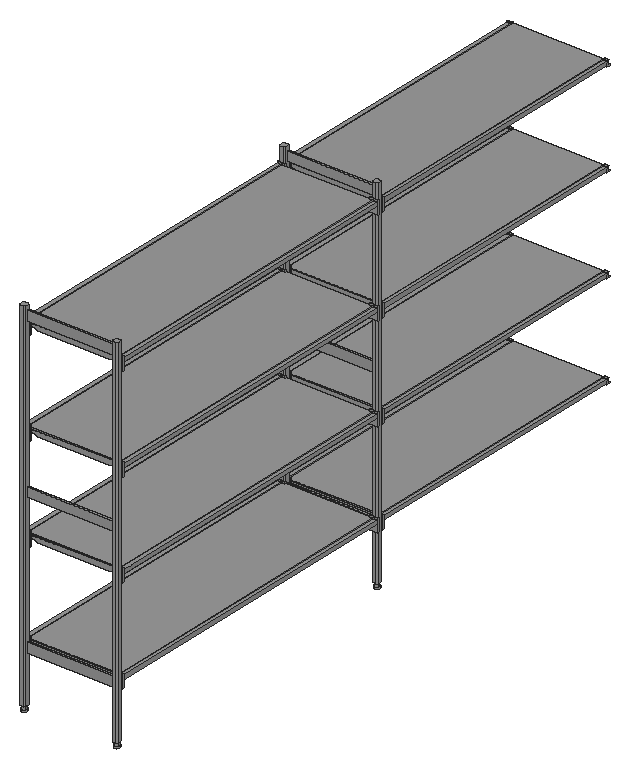
Revit family "QF_ZANUSSI_137089_CLS2903", category Attrezzature speciali, Revit 2020
Family settings
  Quota connettore circolare = Usa diametro
  Tipo di parte = Normale
  Basato su piano di lavoro = No
  Sempre verticale = Sì
  Taglio con vuoti quando caricato = No
  Condiviso = No
  Punto di calcolo locali = No
Parameters (values of type "Standard")
  Weight = 48.00 kg
  Watts = 0 W
  Volts = 0 V
  URL Manufacturer = "http://www.zanussiprofessional.com"
  URL = "http://www.zanussiprofessional.com"
  Steam Supply Size = 0 mm
  Steam Supply Minimum Pressure = 0.0 Pa
  Steam Supply Maximum Pressure = 0.0 Pa
  Steam Consumption per Hour = 0
  Refrigeration Suction Line Size = 0.0 mm
  Refrigeration Liquid Line Size = 0.0 mm
  Refrigerant Compressor Remote = yes
  Prospetto di default = 0.0 mm
  Phase = 0
  Modello = "CLS2903"
  Produttore = "Zanussi"
  Length Actual = 2907.0 mm  # constant formula
  Item Number = "137089"
  Hot Water Size = 0 mm
  Height Actual = 1700.0 mm  # constant formula
  HP = "0 HP"
  Gas Size = 0 mm
  Gas KW = 0
  Gas Input Pressure = 0 W
  Direct Waste Size = 0 mm
  Descrizione = "ALUM.CORNER SHELV.-POLY.TIERS-475X2907MM"
  Depth Actual = 475.0 mm  # constant formula
  Cycle = 0 Hz
  Condensate Return Size = 0 mm
  Compressed Air Volume = 0.0 L/s
  Compressed Air Size = 0 mm
  Compressed Air Pressure = 0.0 Pa
  Cold Water Size = 0 mm
  Accessory = yes
Reference planes
  plane 1: z = 0
  plane 2 "CenterLeft": y = -535.5
  plane 3 "FRONT": y = -921.5
  plane 4 "LEFT": x = 192.5
  plane 5 "RIGHT": x = 667.5
  plane 6 "TOP": z = 1700
  plane 7: y = -889.5
  plane 8: y = 615.5
  plane 9 "Center (Left/Back)": x = 430
  plane 10: x = 256
  plane 11: x = 668
  plane 12 "FEET": z = 25
  plane 13: z = 275
  plane 14: z = 725
  plane 15: z = 1175
  plane 16: z = 1625
  plane 17 "CXLeft": y = -907.5
  plane 18 "Center (Front/Back)": y = 633.5
  plane 19 "CYFront": x = 510
  plane 20: y = 1981.5
  plane 21: y = 651.5
  plane 22 "BACK": y = 1985.5
  plane 23 "LEFT_ORIGIN": x = 158.5
  plane 24 "BACK_ORIGIN": y = 2460.5
Forms (mm)
  Extrusion 1, solid, material "QF_Aluminum"
    sketch origin (38.022, -921.5, -4.006) x (-1, 0, 0) y (0, 0, 1)
      loop
        line (-189.5, 1637.003) -> (-173.5, 1637.003) -> (-173.5, 1655) -> (-175.493, 1655) -> (-175.493, 1648.501) -> (-608.5, 1648.501) -> (-608.5, 1655) -> (-610.5, 1655) -> (-610.5, 1637.003) -> (-594.5, 1637.003) -> (-560.5, 1625) -> (-223.5, 1625) -> (-189.5, 1637.003)
      loop
        line (-189.5, 1187.003) -> (-173.5, 1187.003) -> (-173.5, 1205) -> (-175.493, 1205) -> (-175.493, 1198.501) -> (-608.5, 1198.501) -> (-608.5, 1205) -> (-610.5, 1205) -> (-610.5, 1187.003) -> (-594.5, 1187.003) -> (-560.5, 1175) -> (-223.5, 1175) -> (-189.5, 1187.003)
      loop
        line (-189.5, 737.003) -> (-173.5, 737.003) -> (-173.5, 755) -> (-175.493, 755) -> (-175.493, 748.501) -> (-608.5, 748.501) -> (-608.5, 755) -> (-610.5, 755) -> (-610.5, 737.003) -> (-594.5, 737.003) -> (-560.5, 725) -> (-223.5, 725) -> (-189.5, 737.003)
      loop
        line (-189.5, 287.003) -> (-173.5, 287.003) -> (-173.5, 305) -> (-175.493, 305) -> (-175.493, 298.501) -> (-608.5, 298.501) -> (-608.5, 305) -> (-610.5, 305) -> (-610.5, 287.003) -> (-594.5, 287.003) -> (-560.5, 275) -> (-223.5, 275) -> (-189.5, 287.003)
    from 37 to 32
  Extrusion 2, solid, material "QF_Aluminum"
    sketch origin (38.022, -921.5, 0) x (-1, 0, 0) y (0, 0, 1)
      loop
        line (-154.478, 246.005) -> (-154.478, 307.993) -> (-190.471, 307.993) -> (-190.471, 246.005) -> (-154.478, 246.005)
      loop
        line (-593.484, 246.005) -> (-593.484, 307.993) -> (-629.478, 307.993) -> (-629.478, 246.005) -> (-593.484, 246.005)
      loop
        line (-154.478, 696.005) -> (-154.478, 757.993) -> (-190.471, 757.993) -> (-190.471, 696.005) -> (-154.478, 696.005)
      loop
        line (-593.484, 696.005) -> (-593.484, 757.993) -> (-629.478, 757.993) -> (-629.478, 696.005) -> (-593.484, 696.005)
      loop
        line (-154.478, 1146.005) -> (-154.478, 1207.993) -> (-190.471, 1207.993) -> (-190.471, 1146.005) -> (-154.478, 1146.005)
      loop
        line (-593.484, 1146.005) -> (-593.484, 1207.993) -> (-629.478, 1207.993) -> (-629.478, 1146.005) -> (-593.484, 1146.005)
      loop
        line (-154.478, 1596.005) -> (-154.478, 1657.993) -> (-190.471, 1657.993) -> (-190.471, 1596.005) -> (-154.478, 1596.005)
      loop
        line (-593.484, 1596.005) -> (-593.484, 1657.993) -> (-629.478, 1657.993) -> (-629.478, 1596.005) -> (-593.484, 1596.005)
    from 28 to 32
  Extrusion 3, solid, material "QF_Aluminum"
    sketch origin (38.022, -921.5, 0) x (-1, 0, 0) y (0, 0, 1)
      loop
        line (-154.5, 1650.994) -> (-173.5, 1650.994) -> (-173.5, 1632.998) -> (-154.5, 1632.998) -> (-154.5, 1650.994)
      loop
        line (-154.5, 1200.994) -> (-173.5, 1200.994) -> (-173.5, 1182.998) -> (-154.5, 1182.998) -> (-154.5, 1200.994)
      loop
        line (-154.5, 750.994) -> (-173.5, 750.994) -> (-173.5, 732.998) -> (-154.5, 732.998) -> (-154.5, 750.994)
      loop
        line (-154.5, 300.994) -> (-173.5, 300.994) -> (-173.5, 282.998) -> (-154.5, 282.998) -> (-154.5, 300.994)
      loop
        line (-629.455, 1650.994) -> (-629.455, 1632.998) -> (-610.455, 1632.998) -> (-610.455, 1650.994) -> (-629.455, 1650.994)
      loop
        line (-629.455, 1200.994) -> (-629.455, 1182.998) -> (-610.455, 1182.998) -> (-610.455, 1200.994) -> (-629.455, 1200.994)
      loop
        line (-629.455, 750.994) -> (-629.455, 732.998) -> (-610.455, 732.998) -> (-610.455, 750.994) -> (-629.455, 750.994)
      loop
        line (-629.455, 300.994) -> (-629.455, 282.998) -> (-610.455, 282.998) -> (-610.455, 300.994) -> (-629.455, 300.994)
    from 32 to 1537
  Extrusion 4, solid, material "QF_Polyethylene"
    sketch origin (38.022, -921.5, 0) x (-1, 0, 0) y (0, 0, 1)
      loop
        line (-175.493, 1650.994) -> (-608.5, 1650.994) -> (-608.5, 1644.496) -> (-175.493, 1644.496) -> (-175.493, 1650.994)
      loop
        line (-175.493, 1200.994) -> (-608.5, 1200.994) -> (-608.5, 1194.496) -> (-175.493, 1194.496) -> (-175.493, 1200.994)
      loop
        line (-175.493, 750.994) -> (-608.5, 750.994) -> (-608.5, 744.496) -> (-175.493, 744.496) -> (-175.493, 750.994)
      loop
        line (-175.493, 300.994) -> (-608.5, 300.994) -> (-608.5, 294.496) -> (-175.493, 294.496) -> (-175.493, 300.994)
    from 32 to 1537
  Extrusion 5, solid, material "QF_Aluminum"
    sketch origin (38.022, 684.5, 0) x (-1, 0, 0) y (0, 0, 1)
      loop
        line (-154.5, 1650.994) -> (-173.5, 1650.994) -> (-173.5, 1632.998) -> (-154.5, 1632.998) -> (-154.5, 1650.994)
      loop
        line (-610.455, 1650.994) -> (-629.455, 1650.994) -> (-629.455, 1632.998) -> (-610.455, 1632.998) -> (-610.455, 1650.994)
      loop
        line (-154.5, 1200.994) -> (-173.5, 1200.994) -> (-173.5, 1182.998) -> (-154.5, 1182.998) -> (-154.5, 1200.994)
      loop
        line (-610.455, 1200.994) -> (-629.455, 1200.994) -> (-629.455, 1182.998) -> (-610.455, 1182.998) -> (-610.455, 1200.994)
      loop
        line (-154.5, 750.994) -> (-173.5, 750.994) -> (-173.5, 732.998) -> (-154.5, 732.998) -> (-154.5, 750.994)
      loop
        line (-610.455, 750.994) -> (-629.455, 750.994) -> (-629.455, 732.998) -> (-610.455, 732.998) -> (-610.455, 750.994)
      loop
        line (-154.5, 300.994) -> (-173.5, 300.994) -> (-173.5, 282.998) -> (-154.5, 282.998) -> (-154.5, 300.994)
      loop
        line (-610.455, 300.994) -> (-629.455, 300.994) -> (-629.455, 282.998) -> (-610.455, 282.998) -> (-610.455, 300.994)
    from 1297 to -33
  Extrusion 6, solid, material "QF_Polyethylene"
    sketch origin (38.022, 684.5, 0) x (-1, 0, 0) y (0, 0, 1)
      loop
        line (-175.493, 1650.994) -> (-608.5, 1650.994) -> (-608.5, 1644.496) -> (-175.493, 1644.496) -> (-175.493, 1650.994)
      loop
        line (-175.493, 1200.994) -> (-608.5, 1200.994) -> (-608.5, 1194.496) -> (-175.493, 1194.496) -> (-175.493, 1200.994)
      loop
        line (-175.493, 750.994) -> (-608.5, 750.994) -> (-608.5, 744.496) -> (-175.493, 744.496) -> (-175.493, 750.994)
      loop
        line (-175.493, 300.994) -> (-608.5, 300.994) -> (-608.5, 294.496) -> (-175.493, 294.496) -> (-175.493, 300.994)
    from 1297 to -33
Lines and regions (mm)
  symbolic lines
    curve 1: line (256, -912.5, 1700) -> (668, -912.5, 1700)
    curve 2: line (668, -902.5, 1700) -> (256, -902.5, 1700)
    curve 3: line (192.5, -893.5, 1700) -> (192.5, 619.5, 1700)
    curve 4: line (667.5, -889.5, 1700) -> (667.5, 615.5, 1700)
    curve 5: line (192.5, 647.5, 1700) -> (192.5, 1985.5, 1700)
    curve 6: line (667.5, 647.5, 1700) -> (667.5, 1985.5, 1700)
    curve 7: line (648.478, 615.5, 1700) -> (648.478, -889.5, 1700)
    curve 8: line (211.522, -889.5, 1700) -> (211.522, 615.5, 1700)
    curve 9: line (211.522, 651.5, 1700) -> (211.522, 1981.5, 1700)
    curve 10: line (648.478, 1981.5, 1700) -> (648.478, 651.5, 1700)
Dimensions and locks
  plane 3 "FRONT" to plane 2 "CenterLeft" = 386.0 mm
  locked: plane 6 "TOP" to level at 1700
  locked: plane 7 to plane 8 at 1505
  locked: plane 10 to plane 11 at 412
  plane 10 to plane 9 "Center (Left/Back)" to plane 11 = 174.0 mm, 238.0 mm
  equal spacing: plane 4 "LEFT", plane 9 "Center (Left/Back)", plane 5 "RIGHT"
  plane 12 "FEET" to level = 25.0 mm
  plane 6 "TOP" to plane 12 "FEET" = 1675.0 mm
  plane 13 to plane 12 "FEET" = 250.0 mm
  plane 14 to plane 13 = 450.0 mm
  plane 15 to plane 14 = 450.0 mm
  plane 16 to plane 15 = 450.0 mm
  locked: plane 21 to plane 20 at 1330
  locked: plane 8 to plane 18 "Center (Front/Back)" at 18
  locked: plane 18 "Center (Front/Back)" to plane 21 at 18
  locked: plane 3 "FRONT" to plane 7 at 32
  locked: plane 4 "LEFT" to plane 5 "RIGHT" at 475
  locked: plane 23 "LEFT_ORIGIN" to plane 5 "RIGHT" at 509
  locked: plane 22 "BACK" to plane 24 "BACK_ORIGIN" at 475
  locked: plane 22 "BACK" to plane 3 "FRONT" at 2907
  aligned and locked: level to plane 1
  aligned and locked: Extrusion 1 to plane 7
  aligned and locked: plane 7 to Extrusion 2
  aligned and locked: Extrusion 4 to plane 7
  aligned and locked: plane 8 to Extrusion 4
  aligned and locked: Extrusion 3 to plane 7
  aligned and locked: plane 8 to Extrusion 3
  aligned and locked: Extrusion 1 sketch curve to Extrusion 1 sketch curve  (x3)
  aligned and locked: Extrusion 5 sketch curve to Extrusion 5 sketch curve  (x2)
  aligned and locked: Extrusion 5 to plane 21  (x5)
  aligned and locked: Extrusion 6 to plane 21  (x5)
  aligned and locked: nested 2 to plane 18 "Center (Front/Back)"
  aligned and locked: plane 17 "CXLeft" to nested 1
  aligned and locked: plane 7 to Extrusion 3  (x3)
  aligned and locked: Extrusion 3 to plane 8  (x4)
  aligned and locked: Extrusion 4 to plane 8  (x4)
  aligned and locked: plane 20 to Extrusion 5
  aligned and locked: plane 20 to Extrusion 6
  aligned and locked: Extrusion 5 to plane 20  (x3)
  aligned and locked: Extrusion 6 to plane 20  (x3)
  aligned and locked: plane 9 "Center (Left/Back)" to nested 2
  aligned and locked: nested 3 to plane 22 "BACK"
Automatic sketch dimensions
  Extrusion 1 sketch curve to plane 19 "CYFront" = 138.522 mm  (x4)
  plane 11 to Extrusion 1 sketch curve = 35.478 mm  (x4)
  Extrusion 1 sketch curve to plane 13 = 4.006 mm
  Extrusion 1 sketch curve to Extrusion 1 sketch curve = 34.0 mm  (x4)
  Extrusion 1 sketch curve to plane 14 = 4.006 mm
  Extrusion 1 sketch curve to plane 15 = 4.006 mm
  Extrusion 1 sketch curve to plane 16 = 4.006 mm
  Extrusion 1 sketch curve to plane 10 = 5.522 mm  (x4)
  plane 10 to Extrusion 1 sketch curve = 28.478 mm  (x4)
  plane 13 to Extrusion 1 sketch curve = 7.998 mm  (x2)
  Extrusion 1 sketch curve to Extrusion 1 sketch curve = 11.498 mm  (x4)
  Extrusion 1 sketch curve to Extrusion 1 sketch curve = 6.499 mm  (x8)
  plane 14 to Extrusion 1 sketch curve = 7.998 mm  (x2)
  plane 15 to Extrusion 1 sketch curve = 7.998 mm  (x2)
  plane 16 to Extrusion 1 sketch curve = 7.998 mm  (x2)
  plane 5 "RIGHT" to Extrusion 2 sketch curve = 35.993 mm  (x4)
  Extrusion 2 sketch curve to plane 4 "LEFT" = 0.0 mm  (x4)
  plane 11 to Extrusion 2 sketch curve = 0.5 mm  (x4)
  plane 10 to Extrusion 2 sketch curve = 27.507 mm  (x4)
  Extrusion 2 sketch curve to plane 13 = 28.995 mm  (x2)
  plane 13 to Extrusion 2 sketch curve = 32.993 mm  (x2)
  Extrusion 2 sketch curve to plane 14 = 28.995 mm  (x2)
  plane 14 to Extrusion 2 sketch curve = 32.993 mm  (x2)
  Extrusion 2 sketch curve to plane 15 = 28.995 mm  (x2)
  plane 15 to Extrusion 2 sketch curve = 32.993 mm  (x2)
  Extrusion 2 sketch curve to plane 16 = 28.995 mm  (x2)
  plane 16 to Extrusion 2 sketch curve = 32.993 mm  (x2)
  plane 13 to Extrusion 4 sketch curve = 19.496 mm
  Extrusion 4 sketch curve to Extrusion 4 sketch curve = 6.499 mm  (x4)
  plane 14 to Extrusion 4 sketch curve = 19.496 mm
  plane 15 to Extrusion 4 sketch curve = 19.496 mm
  plane 16 to Extrusion 4 sketch curve = 19.496 mm
  plane 5 "RIGHT" to Extrusion 5 sketch curve = 0.022 mm  (x4)
  Extrusion 5 sketch curve to plane 4 "LEFT" = 19.022 mm  (x4)
  Extrusion 5 sketch curve to plane 19 "CYFront" = 138.478 mm  (x2)
  plane 13 to Extrusion 5 sketch curve = 7.998 mm  (x2)
  Extrusion 5 sketch curve to Extrusion 5 sketch curve = 17.997 mm  (x8)
  plane 14 to Extrusion 5 sketch curve = 7.998 mm  (x2)
  plane 15 to Extrusion 5 sketch curve = 7.998 mm  (x2)
  plane 16 to Extrusion 5 sketch curve = 7.998 mm  (x2)
  Extrusion 6 sketch curve to plane 19 "CYFront" = 136.522 mm  (x4)
  plane 13 to Extrusion 6 sketch curve = 19.496 mm
  Extrusion 6 sketch curve to Extrusion 6 sketch curve = 6.499 mm  (x4)
  plane 14 to Extrusion 6 sketch curve = 19.496 mm
  plane 15 to Extrusion 6 sketch curve = 19.496 mm
  plane 16 to Extrusion 6 sketch curve = 19.496 mm
  plane 5 "RIGHT" to Extrusion 3 sketch curve = 0.022 mm  (x4)
  Extrusion 3 sketch curve to Extrusion 3 sketch curve = 19.0 mm  (x4)
  plane 14 to Extrusion 3 sketch curve = 7.998 mm  (x2)
  plane 10 to Extrusion 3 sketch curve = 44.478 mm  (x4)
  Extrusion 3 sketch curve to plane 4 "LEFT" = 0.022 mm  (x4)
  plane 13 to Extrusion 3 sketch curve = 25.994 mm  (x2)
  plane 13 to Extrusion 3 sketch curve = 7.998 mm  (x2)
  Extrusion 3 sketch curve to Extrusion 3 sketch curve = 17.997 mm  (x6)
  plane 15 to Extrusion 3 sketch curve = 7.998 mm  (x2)
  plane 16 to Extrusion 3 sketch curve = 7.998 mm  (x2)
  plane 10 to Extrusion 1 sketch curve = 42.484 mm  (x4)
  plane 10 to Extrusion 1 sketch curve = 44.478 mm  (x2)
  Extrusion 1 sketch curve to Extrusion 1 sketch curve = 1.993 mm  (x2)
  plane 10 to Extrusion 4 sketch curve = 42.484 mm  (x4)
  Extrusion 5 sketch curve to plane 4 "LEFT" = 0.022 mm  (x4)
  plane 10 to Extrusion 6 sketch curve = 42.484 mm  (x4)
  Extrusion 1 sketch curve to Extrusion 1 sketch curve = 2.0 mm
  plane 5 "RIGHT" to Extrusion 4 sketch curve = 20.978 mm  (x4)
  curve 1 to plane 11 = 0.0 mm
  curve 1 to plane 10 = 0.0 mm
  curve 2 to plane 10 = 0.0 mm
  curve 2 to plane 11 = 0.0 mm
  curve 3 to plane 4 "LEFT" = 0.0 mm
  curve 4 to plane 5 "RIGHT" = 0.0 mm
  plane 7 to curve 4 = 0.0 mm
  plane 7 to curve 8 = 0.0 mm
  plane 8 to curve 8 = 0.0 mm
  plane 8 to curve 7 = 0.0 mm
  plane 8 to curve 4 = 0.0 mm
  curve 5 to plane 4 "LEFT" = 0.0 mm
  curve 6 to plane 5 "RIGHT" = 0.0 mm
  plane 20 to curve 9 = 0.0 mm
  plane 22 "BACK" to curve 5 = 0.0 mm
  plane 22 "BACK" to curve 6 = 0.0 mm
  plane 7 to curve 3 = 4.0 mm
  plane 17 "CXLeft" to curve 2 = 5.0 mm
  curve 1 to plane 17 "CXLeft" = 5.0 mm
  curve 3 to plane 8 = 4.0 mm
  curve 6 to plane 21 = 4.0 mm
  curve 9 to plane 4 "LEFT" = 19.022 mm
  curve 8 to plane 4 "LEFT" = 19.022 mm
  curve 9 to plane 21 = 0.0 mm
  plane 21 to curve 10 = 0.0 mm
  curve 5 to plane 21 = 4.0 mm
  plane 7 to curve 7 = 0.0 mm
  curve 4 to curve 7 = 19.022 mm
  plane 20 to curve 10 = 0.0 mm
  plane 5 "RIGHT" to curve 10 = 19.022 mm
Nested families
  nested 1: "WT_Anta475" at (215.5, -504.5, 0) x (0, 1, 0) z (0, 0, 1), type "WT_Anta475"
  nested 2: "WT_Anta475Center" at (215.5, 1036.5, 0) x (0, 1, 0) z (0, 0, 1), type "WT_Anta475Center"
  nested 3: "WT_Aggancio475" at (215.5, 2393.5, 0) x (0, 1, 0) z (0, 0, 1), type "WT_Aggancio475"
Definition of nested family "WT_Anta475"
  Parameters
    WidthLeft = A + 64.0 mm  # 772.0 mm
    Width = 1606.0 mm
    Right = WidthLeft / 2  # 386.0 mm
    Default Elevation = 0.0 mm
    Left = -WidthLeft / 2  # -386.0 mm
    Height = 1725.0 mm
    FEET = 25.0 mm
    E = 0.0 mm
    Dint = Depth - 63.0 mm  # 412.0 mm
    Dext = Depth - 8.0 mm  # 467.0 mm
    Depth = 475.0 mm
    DX = (WidthLeft - A) / 2  # 32.0 mm
    B = 798.0 mm
    A = 708.0 mm
  Reference planes
    plane 1: z = 0
    plane 2 "LEFT": x = -417
    plane 3 "BACK": y = 23
    plane 4 "FRONT": y = -452
    plane 5 "TOP": z = 1725
    plane 6 "Center (Front/Back)": y = -214.5
    plane 7: y = -8.5
    plane 8: y = -420.5
    plane 9 "FEET": z = 25
    plane 10: z = 275
    plane 11: z = 725
    plane 12: z = 1175
    plane 13: z = 1625
    plane 14 "CXLeft": x = -403
    plane 15: y = 5.5
    plane 16 "CYBack": y = 5.5
    plane 17 "CYFront": y = -434.5
    plane 18: x = -385.031
    plane 19: x = -380.031
  Forms (mm)
    Extrusion 1, solid
      sketch origin (0, 0, 0) x (1, 0, 0) y (0, 1, 0)
        loop
          line (-417, 13.246) -> (-417, -2.246) -> (-410.746, -8.5) -> (-395.254, -8.5) -> (-389, -2.246) -> (-389, 13.246) -> (-395.254, 19.5) -> (-410.746, 19.5) -> (-417, 13.246)
      from 1725 to 25
    Extrusion 2, solid
      sketch origin (-417, 0, 0) x (0, 1, 0) y (0, 0, 1)
        loop
          line (23, 246.005) -> (23, 307.993) -> (-12.993, 307.993) -> (-12.993, 246.005) -> (23, 246.005)
        loop
          line (-452, 246.005) -> (-416.007, 246.005) -> (-416.007, 307.993) -> (-452, 307.993) -> (-452, 246.005)
        loop
          line (23, 696.005) -> (23, 757.993) -> (-12.993, 757.993) -> (-12.993, 696.005) -> (23, 696.005)
        loop
          line (-452, 696.005) -> (-416.007, 696.005) -> (-416.007, 757.993) -> (-452, 757.993) -> (-452, 696.005)
        loop
          line (23, 1146.005) -> (23, 1207.993) -> (-12.993, 1207.993) -> (-12.993, 1146.005) -> (23, 1146.005)
        loop
          line (-452, 1146.005) -> (-416.007, 1146.005) -> (-416.007, 1207.993) -> (-452, 1207.993) -> (-452, 1146.005)
        loop
          line (23, 1596.005) -> (23, 1657.993) -> (-12.993, 1657.993) -> (-12.993, 1596.005) -> (23, 1596.005)
        loop
          line (-452, 1596.005) -> (-416.007, 1596.005) -> (-416.007, 1657.993) -> (-452, 1657.993) -> (-452, 1596.005)
      from 28 to 32
    Revolve 3, solid
      sketch origin (-403, 0, 0) x (0, 1, 0) y (0, 0, 1)
        loop
          line (5.5, 25) -> (5.5, 0) -> (19, 0) -> (19, 5) -> (14, 5) -> (14, 25) -> (5.5, 25)
        axis (5.5, 25) -> (5.5, 0)
      angle from 0 to 360
    Extrusion 4, solid
      sketch origin (-403, 0, 0) x (0, 1, 0) y (0, 0, 1)
        loop
          line (-8.5, 912.382) -> (-8.5, 957.374) -> (-420.5, 957.374) -> (-420.5, 912.382) -> (-8.5, 912.382)
        loop
          line (-8.5, 1662.244) -> (-8.5, 1707.236) -> (-420.5, 1707.236) -> (-420.5, 1662.244) -> (-8.5, 1662.244)
      from -5 to 5
    Revolve 5, solid
      sketch origin (-403, -627, 0) x (0, -1, 0) y (0, 0, 1)
        loop
          line (-192.5, 25) -> (-192.5, 0) -> (-179, 0) -> (-179, 5) -> (-184, 5) -> (-184, 25) -> (-192.5, 25)
        axis (-192.5, 25) -> (-192.5, 0)
      angle from 0 to 360
    Extrusion 6, solid
      sketch origin (0, -627, 0) x (1, 0, 0) y (0, 1, 0)
        loop
          line (-417, 184.754) -> (-410.746, 178.5) -> (-395.254, 178.5) -> (-389, 184.754) -> (-389, 200.246) -> (-395.254, 206.5) -> (-410.746, 206.5) -> (-417, 200.246) -> (-417, 184.754)
      from 1725 to 25
    Extrusion 7, solid
      sketch origin (-417.031, -0.022, 0) x (0, 1, 0) y (0, 0, -1)
        loop
          line (-12, -1632.998) -> (-46, -1620.994) -> (-383, -1620.994) -> (-417, -1632.998) -> (-433, -1632.998) -> (-433, -1650.994) -> (-431, -1650.994) -> (-431, -1644.496) -> (2.007, -1644.496) -> (2.007, -1650.994) -> (4, -1650.994) -> (4, -1632.998) -> (-12, -1632.998)
        loop
          line (-12, -1182.998) -> (-46, -1170.994) -> (-383, -1170.994) -> (-417, -1182.998) -> (-433, -1182.998) -> (-433, -1200.994) -> (-431, -1200.994) -> (-431, -1194.496) -> (2.007, -1194.496) -> (2.007, -1200.994) -> (4, -1200.994) -> (4, -1182.998) -> (-12, -1182.998)
        loop
          line (-12, -732.998) -> (-46, -720.994) -> (-383, -720.994) -> (-417, -732.998) -> (-433, -732.998) -> (-433, -750.994) -> (-431, -750.994) -> (-431, -744.496) -> (2.007, -744.496) -> (2.007, -750.994) -> (4, -750.994) -> (4, -732.998) -> (-12, -732.998)
        loop
          line (-12, -282.998) -> (-46, -270.994) -> (-383, -270.994) -> (-417, -282.998) -> (-433, -282.998) -> (-433, -300.994) -> (-431, -300.994) -> (-431, -294.496) -> (2.007, -294.496) -> (2.007, -300.994) -> (4, -300.994) -> (4, -282.998) -> (-12, -282.998)
      from -32 to -37
    Extrusion 8, solid
      sketch origin (-403, 0, -659.878) x (0, 1, 0) y (0, 0, 1)
        loop
          line (-8.5, 912.382) -> (-8.5, 957.374) -> (-420.5, 957.374) -> (-420.5, 912.382) -> (-8.5, 912.382)
        loop
          line (-8.5, 1572.382) -> (-8.5, 1617.374) -> (-420.5, 1617.374) -> (-420.5, 1572.382) -> (-8.5, 1572.382)
        loop
          line (-8.5, 2322.382) -> (-8.5, 2367.374) -> (-420.5, 2367.374) -> (-420.5, 2322.382) -> (-8.5, 2322.382)
      from -5 to 5
  Lines and regions (mm)
    symbolic lines
      curve 1: line (-408, -8.5, 1725) -> (-408, -420.5, 1725)
      curve 2: line (-398, -420.5, 1725) -> (-398, -8.5, 1725)
      curve 3: line (-395.254, -8.5, 1725) -> (-410.746, -8.5, 1725)
      curve 4: line (-417, -2.246, 1725) -> (-410.746, -8.5, 1725)
      curve 5: line (-417, 13.246, 1725) -> (-417, -2.246, 1725)
      curve 6: line (-410.746, 19.5, 1725) -> (-417, 13.246, 1725)
      curve 7: line (-395.254, 19.5, 1725) -> (-410.746, 19.5, 1725)
      curve 8: line (-389, 13.246, 1725) -> (-395.254, 19.5, 1725)
      curve 9: line (-395.254, -8.5, 1725) -> (-389, -2.246, 1725)
      curve 10: line (-395.254, -420.5, 1725) -> (-410.746, -420.5, 1725)
      curve 11: line (-417, -426.754, 1725) -> (-410.746, -420.5, 1725)
      curve 12: line (-410.746, -448.5, 1725) -> (-417, -442.246, 1725)
      curve 13: line (-395.254, -448.5, 1725) -> (-410.746, -448.5, 1725)
      curve 14: line (-389, -442.246, 1725) -> (-395.254, -448.5, 1725)
      curve 15: line (-395.254, -420.5, 1725) -> (-389, -426.754, 1725)
      curve 16: line (-389, -452, 1725) -> (-389, -416.007, 1725)
      curve 17: line (-389, -416.007, 1725) -> (-385, -416.007, 1725)
      curve 18: line (-389, 23, 1725) -> (-389, -12.993, 1725)
      curve 19: line (-389, -12.993, 1725) -> (-385, -12.993, 1725)
      curve 20: line (-417, -426.754, 1725) -> (-417, -442.246, 1725)
      curve 21: line (-385, -452, 1725) -> (-385, -416.007, 1725)
      curve 22: line (-385, -452, 1725) -> (-389, -452, 1725)
      curve 23: line (-385, 23, 1725) -> (-389, 23, 1725)
      curve 24: line (-385, -12.993, 1725) -> (-385, 23, 1725)
      curve 25: line (-385.031, -13.016, 1725) -> (-385.031, -416.029, 1725)
  Dimensions and locks
    "Height": plane 5 "TOP" to level
    "Depth": plane 3 "BACK" to plane 4 "FRONT"
    "Dint": plane 7 to plane 8
    equal spacing: plane 7, plane 6 "Center (Front/Back)", plane 8
    equal spacing: plane 3 "BACK", plane 6 "Center (Front/Back)", plane 4 "FRONT"
    plane 9 "FEET" to level = 25.0 mm
    plane 5 "TOP" to plane 9 "FEET" = 1700.0 mm
    plane 10 to plane 9 "FEET" = 250.0 mm
    plane 11 to plane 10 = 450.0 mm
    plane 12 to plane 11 = 450.0 mm
    plane 13 to plane 12 = 450.0 mm
    locked: plane 2 "LEFT" to plane 14 "CXLeft" at 14
    locked: plane 3 "BACK" to plane 16 "CYBack" at 17.5
    locked: plane 17 "CYFront" to plane 4 "FRONT" at 17.5
    locked: Revolve 3 sketch curve to Revolve 3 sketch curve at 8.5
    locked: Revolve 3 sketch curve to plane 16 "CYBack" at 13.5
    locked: Revolve 5 sketch curve to Revolve 5 sketch curve at 8.5
    aligned and locked: level to plane 1
    aligned and locked: curve 20 to Extrusion 6
    aligned and locked: plane 5 "TOP" to Extrusion 1
    aligned and locked: plane 5 "TOP" to Extrusion 6
    aligned and locked: Extrusion 7 sketch curve to Extrusion 7 sketch curve  (x3)
  Automatic sketch dimensions
    curve 16 to plane 4 "FRONT" = 0.0 mm
    curve 11 to plane 8 = 0.0 mm
    curve 9 to plane 7 = 0.0 mm
    curve 5 to plane 2 "LEFT" = 0.0 mm
    curve 23 to plane 3 "BACK" = 0.0 mm
    plane 4 "FRONT" to curve 13 = 3.5 mm
    curve 20 to plane 17 "CYFront" = 7.746 mm
    curve 20 to plane 8 = 6.254 mm
    plane 8 to curve 16 = 4.493 mm
    curve 24 to plane 18 = 0.031 mm
    curve 24 to plane 7 = 4.493 mm
    plane 7 to curve 5 = 6.254 mm
    curve 5 to plane 15 = 7.746 mm
    curve 6 to plane 3 "BACK" = 3.5 mm
    curve 21 to plane 18 = 0.031 mm
    plane 18 to curve 23 = 3.969 mm
    plane 18 to curve 16 = 3.969 mm
    curve 18 to curve 8 = 6.254 mm
    curve 18 to curve 3 = 6.254 mm
    curve 16 to curve 13 = 6.254 mm
    curve 16 to curve 15 = 6.254 mm
    plane 2 "LEFT" to curve 10 = 6.254 mm
    plane 2 "LEFT" to curve 7 = 6.254 mm
    plane 2 "LEFT" to curve 12 = 6.254 mm
    plane 2 "LEFT" to curve 3 = 6.254 mm
    curve 14 to plane 17 "CYFront" = 7.746 mm
    curve 15 to plane 8 = 6.254 mm
    plane 7 to curve 9 = 6.254 mm
    curve 8 to plane 15 = 7.746 mm
    curve 3 to curve 2 = 2.746 mm
    curve 1 to curve 10 = 2.746 mm
    Extrusion 1 sketch curve to plane 2 "LEFT" = 0.0 mm
    Extrusion 1 sketch curve to plane 7 = 0.0 mm
    plane 2 "LEFT" to Extrusion 1 sketch curve = 6.254 mm  (x2)
    plane 14 "CXLeft" to Extrusion 1 sketch curve = 7.746 mm  (x2)
    Extrusion 1 sketch curve to plane 3 "BACK" = 3.5 mm
    plane 18 to Extrusion 1 sketch curve = 3.969 mm
    plane 7 to Extrusion 1 sketch curve = 6.254 mm  (x2)
    Extrusion 1 sketch curve to plane 15 = 7.746 mm  (x2)
    Extrusion 2 sketch curve to plane 4 "FRONT" = 0.0 mm  (x4)
    Extrusion 2 sketch curve to plane 3 "BACK" = 0.0 mm  (x4)
    plane 8 to Extrusion 2 sketch curve = 4.493 mm  (x4)
    Extrusion 2 sketch curve to plane 7 = 4.493 mm  (x4)
    Extrusion 2 sketch curve to plane 10 = 28.995 mm  (x2)
    plane 10 to Extrusion 2 sketch curve = 32.993 mm  (x2)
    Extrusion 2 sketch curve to plane 11 = 28.995 mm  (x2)
    plane 11 to Extrusion 2 sketch curve = 32.993 mm  (x2)
    Extrusion 2 sketch curve to plane 12 = 28.995 mm  (x2)
    plane 12 to Extrusion 2 sketch curve = 32.993 mm  (x2)
    Extrusion 2 sketch curve to plane 13 = 28.995 mm  (x2)
    plane 13 to Extrusion 2 sketch curve = 32.993 mm  (x2)
    Revolve 3 sketch curve to plane 9 "FEET" = 0.0 mm  (x2)
    Revolve 3 sketch curve to plane 15 = 0.0 mm  (x2)
    Revolve 3 sketch curve to level = 0.0 mm
    level to Revolve 3 sketch curve = 5.0 mm
    Revolve 3 sketch curve to Revolve 3 sketch curve = 11.655 mm
    Extrusion 4 sketch curve to plane 8 = 0.0 mm  (x2)
    Extrusion 4 sketch curve to plane 7 = 0.0 mm  (x2)
    plane 11 to Extrusion 4 sketch curve = 187.382 mm
    Extrusion 4 sketch curve to Extrusion 4 sketch curve = 44.992 mm
    plane 13 to Extrusion 4 sketch curve = 37.244 mm
    Extrusion 4 sketch curve to plane 5 "TOP" = 17.764 mm
    Revolve 5 sketch curve to plane 9 "FEET" = 0.0 mm  (x2)
    Revolve 5 sketch curve to plane 17 "CYFront" = 0.0 mm  (x2)
    Revolve 5 sketch curve to level = 0.0 mm
    Revolve 5 sketch curve to plane 4 "FRONT" = 4.0 mm
    Revolve 5 sketch curve to Revolve 5 sketch curve = 5.0 mm
    level to Revolve 5 sketch curve = 11.655 mm
    Extrusion 6 sketch curve to plane 2 "LEFT" = 0.0 mm
    Extrusion 6 sketch curve to plane 8 = 0.0 mm
    Extrusion 6 sketch curve to plane 2 "LEFT" = 6.254 mm  (x2)
    Extrusion 6 sketch curve to plane 14 "CXLeft" = 7.746 mm  (x2)
    Extrusion 6 sketch curve to plane 4 "FRONT" = 3.5 mm
    Extrusion 6 sketch curve to plane 18 = 3.969 mm
    plane 8 to Extrusion 6 sketch curve = 6.254 mm  (x2)
    plane 17 "CYFront" to Extrusion 6 sketch curve = 7.746 mm  (x2)
    plane 17 "CYFront" to Extrusion 7 sketch curve = 1.478 mm  (x4)
    Extrusion 7 sketch curve to Extrusion 7 sketch curve = 2.0 mm
    plane 8 to Extrusion 7 sketch curve = 3.478 mm  (x4)
    Extrusion 7 sketch curve to plane 10 = 4.006 mm
    Extrusion 7 sketch curve to Extrusion 7 sketch curve = 34.0 mm  (x4)
    Extrusion 7 sketch curve to plane 11 = 4.006 mm
    Extrusion 7 sketch curve to plane 12 = 4.006 mm
    Extrusion 7 sketch curve to plane 13 = 4.006 mm
    Extrusion 7 sketch curve to plane 7 = 37.522 mm  (x4)
    Extrusion 7 sketch curve to plane 7 = 3.522 mm  (x4)
    plane 15 to Extrusion 7 sketch curve = 3.516 mm  (x4)
    plane 15 to Extrusion 7 sketch curve = 1.522 mm  (x4)
    plane 13 to Extrusion 7 sketch curve = 7.998 mm  (x2)
    Extrusion 7 sketch curve to Extrusion 7 sketch curve = 11.498 mm
    Extrusion 7 sketch curve to Extrusion 7 sketch curve = 6.499 mm  (x5)
    plane 12 to Extrusion 7 sketch curve = 25.994 mm  (x2)
    plane 12 to Extrusion 7 sketch curve = 7.998 mm  (x2)
    plane 11 to Extrusion 7 sketch curve = 25.994 mm  (x2)
    plane 11 to Extrusion 7 sketch curve = 7.998 mm  (x2)
    plane 10 to Extrusion 7 sketch curve = 25.994 mm  (x2)
    plane 10 to Extrusion 7 sketch curve = 7.998 mm  (x2)
    curve 25 to plane 18 = 0.0 mm
    plane 8 to curve 25 = 4.471 mm
    curve 25 to plane 7 = 4.516 mm
    Extrusion 8 sketch curve to plane 8 = 0.0 mm  (x3)
    Extrusion 8 sketch curve to plane 7 = 0.0 mm  (x3)
    Extrusion 8 sketch curve to plane 10 = 22.496 mm
    plane 10 to Extrusion 8 sketch curve = 22.496 mm
    plane 11 to Extrusion 8 sketch curve = 187.504 mm
    Extrusion 8 sketch curve to Extrusion 8 sketch curve = 44.992 mm
    plane 13 to Extrusion 8 sketch curve = 37.504 mm
    Extrusion 8 sketch curve to plane 5 "TOP" = 17.504 mm
Definition of nested family "WT_Anta475Center"
  Parameters
    WidthLeft = A + 64.0 mm  # 772.0 mm
    Width = 1606.0 mm
    Right = WidthLeft / 2  # 386.0 mm
    Default Elevation = 0.0 mm
    Left = -WidthLeft / 2  # -386.0 mm
    Height = 1725.0 mm
    FEET = 25.0 mm
    E = 0.0 mm
    Dint = Depth - 63.0 mm  # 412.0 mm
    Dext = Depth - 8.0 mm  # 467.0 mm
    Depth = 475.0 mm
    DX = (WidthLeft - A) / 2  # 32.0 mm
    B = 798.0 mm
    A = 708.0 mm
  Reference planes
    plane 1: z = 0
    plane 2 "L": x = -417
    plane 3 "BACK": y = 23
    plane 4 "FRONT": y = -452
    plane 5 "TOP": z = 1725
    plane 6 "Center (Front/Back)": y = -214.5
    plane 7: y = -8.5
    plane 8: y = -420.5
    plane 9 "FEET": z = 25
    plane 10: z = 275
    plane 11: z = 725
    plane 12: z = 1175
    plane 13: z = 1625
    plane 14 "CXLeft": x = -403
    plane 15: y = 5.5
    plane 16 "CYBack": y = 5.5
    plane 17 "CYFront": y = -434.5
    plane 18: x = -385.031
    plane 19 "RIGHT": x = -380.031
    plane 20: x = -420.969
    plane 21 "LEFT": x = -425.969
  Forms (mm)
    Extrusion 1, solid
      sketch origin (0, 0, 0) x (1, 0, 0) y (0, 1, 0)
        loop
          line (-417, 13.246) -> (-417, -2.246) -> (-410.746, -8.5) -> (-395.254, -8.5) -> (-389, -2.246) -> (-389, 13.246) -> (-395.254, 19.5) -> (-410.746, 19.5) -> (-417, 13.246)
      from 1725 to 25
    Extrusion 2, solid
      sketch origin (-417, 0, 0) x (0, 1, 0) y (0, 0, 1)
        loop
          line (23, 246.005) -> (23, 307.993) -> (-12.993, 307.993) -> (-12.993, 246.005) -> (23, 246.005)
        loop
          line (-452, 246.005) -> (-416.007, 246.005) -> (-416.007, 307.993) -> (-452, 307.993) -> (-452, 246.005)
        loop
          line (23, 696.005) -> (23, 757.993) -> (-12.993, 757.993) -> (-12.993, 696.005) -> (23, 696.005)
        loop
          line (-452, 696.005) -> (-416.007, 696.005) -> (-416.007, 757.993) -> (-452, 757.993) -> (-452, 696.005)
        loop
          line (23, 1146.005) -> (23, 1207.993) -> (-12.993, 1207.993) -> (-12.993, 1146.005) -> (23, 1146.005)
        loop
          line (-452, 1146.005) -> (-416.007, 1146.005) -> (-416.007, 1207.993) -> (-452, 1207.993) -> (-452, 1146.005)
        loop
          line (23, 1596.005) -> (23, 1657.993) -> (-12.993, 1657.993) -> (-12.993, 1596.005) -> (23, 1596.005)
        loop
          line (-452, 1596.005) -> (-416.007, 1596.005) -> (-416.007, 1657.993) -> (-452, 1657.993) -> (-452, 1596.005)
      from 28 to 32
    Revolve 3, solid
      sketch origin (-403, 0, 0) x (0, 1, 0) y (0, 0, 1)
        loop
          line (5.5, 25) -> (5.5, 0) -> (19, 0) -> (19, 5) -> (14, 5) -> (14, 25) -> (5.5, 25)
        axis (5.5, 25) -> (5.5, 0)
      angle from 0 to 360
    Extrusion 4, solid
      sketch origin (-403, 0, 0) x (0, 1, 0) y (0, 0, 1)
        loop
          line (-8.5, 912.382) -> (-8.5, 957.374) -> (-420.5, 957.374) -> (-420.5, 912.382) -> (-8.5, 912.382)
        loop
          line (-8.5, 1662.244) -> (-8.5, 1707.236) -> (-420.5, 1707.236) -> (-420.5, 1662.244) -> (-8.5, 1662.244)
      from -5 to 5
    Revolve 5, solid
      sketch origin (-403, -627, 0) x (0, -1, 0) y (0, 0, 1)
        loop
          line (-192.5, 25) -> (-192.5, 0) -> (-179, 0) -> (-179, 5) -> (-184, 5) -> (-184, 25) -> (-192.5, 25)
        axis (-192.5, 25) -> (-192.5, 0)
      angle from 0 to 360
    Extrusion 6, solid
      sketch origin (0, -627, 0) x (1, 0, 0) y (0, 1, 0)
        loop
          line (-417, 184.754) -> (-410.746, 178.5) -> (-395.254, 178.5) -> (-389, 184.754) -> (-389, 200.246) -> (-395.254, 206.5) -> (-410.746, 206.5) -> (-417, 200.246) -> (-417, 184.754)
      from 1725 to 25
    Extrusion 7, solid
      sketch origin (-417.031, -0.022, 0) x (0, 1, 0) y (0, 0, -1)
        loop
          line (-12, -1632.998) -> (-46, -1620.994) -> (-383, -1620.994) -> (-417, -1632.998) -> (-433, -1632.998) -> (-433, -1650.994) -> (-431, -1650.994) -> (-431, -1644.496) -> (2.007, -1644.496) -> (2.007, -1650.994) -> (4, -1650.994) -> (4, -1632.998) -> (-12, -1632.998)
        loop
          line (-12, -1182.998) -> (-46, -1170.994) -> (-383, -1170.994) -> (-417, -1182.998) -> (-433, -1182.998) -> (-433, -1200.994) -> (-431, -1200.994) -> (-431, -1194.496) -> (2.007, -1194.496) -> (2.007, -1200.994) -> (4, -1200.994) -> (4, -1182.998) -> (-12, -1182.998)
        loop
          line (-12, -732.998) -> (-46, -720.994) -> (-383, -720.994) -> (-417, -732.998) -> (-433, -732.998) -> (-433, -750.994) -> (-431, -750.994) -> (-431, -744.496) -> (2.007, -744.496) -> (2.007, -750.994) -> (4, -750.994) -> (4, -732.998) -> (-12, -732.998)
        loop
          line (-12, -282.998) -> (-46, -270.994) -> (-383, -270.994) -> (-417, -282.998) -> (-433, -282.998) -> (-433, -300.994) -> (-431, -300.994) -> (-431, -294.496) -> (2.007, -294.496) -> (2.007, -300.994) -> (4, -300.994) -> (4, -282.998) -> (-12, -282.998)
      from -32 to -37
    Extrusion 8, solid
      sketch origin (-403, 0, -659.878) x (0, 1, 0) y (0, 0, 1)
        loop
          line (-8.5, 912.382) -> (-8.5, 957.374) -> (-420.5, 957.374) -> (-420.5, 912.382) -> (-8.5, 912.382)
        loop
          line (-8.5, 1572.382) -> (-8.5, 1617.374) -> (-420.5, 1617.374) -> (-420.5, 1572.382) -> (-8.5, 1572.382)
        loop
          line (-8.5, 2322.382) -> (-8.5, 2367.374) -> (-420.5, 2367.374) -> (-420.5, 2322.382) -> (-8.5, 2322.382)
      from -5 to 5
    Extrusion 9, solid
      sketch origin (-389, 0, 0) x (0, 1, 0) y (0, 0, -1)
        loop
          line (23, -246.005) -> (-12.993, -246.005) -> (-12.993, -307.993) -> (23, -307.993) -> (23, -246.005)
        loop
          line (-452, -246.005) -> (-452, -307.993) -> (-416.007, -307.993) -> (-416.007, -246.005) -> (-452, -246.005)
        loop
          line (23, -696.005) -> (-12.993, -696.005) -> (-12.993, -757.993) -> (23, -757.993) -> (23, -696.005)
        loop
          line (-452, -696.005) -> (-452, -757.993) -> (-416.007, -757.993) -> (-416.007, -696.005) -> (-452, -696.005)
        loop
          line (23, -1146.005) -> (-12.993, -1146.005) -> (-12.993, -1207.993) -> (23, -1207.993) -> (23, -1146.005)
        loop
          line (-452, -1146.005) -> (-452, -1207.993) -> (-416.007, -1207.993) -> (-416.007, -1146.005) -> (-452, -1146.005)
        loop
          line (23, -1596.005) -> (-12.993, -1596.005) -> (-12.993, -1657.993) -> (23, -1657.993) -> (23, -1596.005)
        loop
          line (-452, -1596.005) -> (-452, -1657.993) -> (-416.007, -1657.993) -> (-416.007, -1596.005) -> (-452, -1596.005)
      from 28 to 32
    Extrusion 10, solid
      sketch origin (-388.969, -0.022, 0) x (0, 1, 0) y (0, 0, 1)
        loop
          line (-12, 1632.998) -> (4, 1632.998) -> (4, 1650.994) -> (2.007, 1650.994) -> (2.007, 1644.496) -> (-431, 1644.496) -> (-431, 1650.994) -> (-433, 1650.994) -> (-433, 1632.998) -> (-417, 1632.998) -> (-383, 1620.994) -> (-46, 1620.994) -> (-12, 1632.998)
        loop
          line (-12, 1182.998) -> (4, 1182.998) -> (4, 1200.994) -> (2.007, 1200.994) -> (2.007, 1194.496) -> (-431, 1194.496) -> (-431, 1200.994) -> (-433, 1200.994) -> (-433, 1182.998) -> (-417, 1182.998) -> (-383, 1170.994) -> (-46, 1170.994) -> (-12, 1182.998)
        loop
          line (-12, 732.998) -> (4, 732.998) -> (4, 750.994) -> (2.007, 750.994) -> (2.007, 744.496) -> (-431, 744.496) -> (-431, 750.994) -> (-433, 750.994) -> (-433, 732.998) -> (-417, 732.998) -> (-383, 720.994) -> (-46, 720.994) -> (-12, 732.998)
        loop
          line (-12, 282.998) -> (4, 282.998) -> (4, 300.994) -> (2.007, 300.994) -> (2.007, 294.496) -> (-431, 294.496) -> (-431, 300.994) -> (-433, 300.994) -> (-433, 282.998) -> (-417, 282.998) -> (-383, 270.994) -> (-46, 270.994) -> (-12, 282.998)
      from -32 to -37
  Lines and regions (mm)
    symbolic lines
      curve 1: line (-408, -8.5, 1725) -> (-408, -420.5, 1725)
      curve 2: line (-398, -420.5, 1725) -> (-398, -8.5, 1725)
      curve 3: line (-395.254, -8.5, 1725) -> (-410.746, -8.5, 1725)
      curve 4: line (-417, -2.246, 1725) -> (-410.746, -8.5, 1725)
      curve 5: line (-410.746, 19.5, 1725) -> (-417, 13.246, 1725)
      curve 6: line (-395.254, 19.5, 1725) -> (-410.746, 19.5, 1725)
      curve 7: line (-389, 13.246, 1725) -> (-395.254, 19.5, 1725)
      curve 8: line (-395.254, -8.5, 1725) -> (-389, -2.246, 1725)
      curve 9: line (-395.254, -420.5, 1725) -> (-410.746, -420.5, 1725)
      curve 10: line (-417, -426.754, 1725) -> (-410.746, -420.5, 1725)
      curve 11: line (-410.746, -448.5, 1725) -> (-417, -442.246, 1725)
      curve 12: line (-395.254, -448.5, 1725) -> (-410.746, -448.5, 1725)
      curve 13: line (-389, -442.246, 1725) -> (-395.254, -448.5, 1725)
      curve 14: line (-395.254, -420.5, 1725) -> (-389, -426.754, 1725)
      curve 15: line (-389, -452, 1725) -> (-389, -416.007, 1725)
      curve 16: line (-389, -416.007, 1725) -> (-385, -416.007, 1725)
      curve 17: line (-389, 23, 1725) -> (-389, -12.993, 1725)
      curve 18: line (-389, -12.993, 1725) -> (-385, -12.993, 1725)
      curve 19: line (-385, -452, 1725) -> (-385, -416.007, 1725)
      curve 20: line (-385, -452, 1725) -> (-389, -452, 1725)
      curve 21: line (-385, 23, 1725) -> (-389, 23, 1725)
      curve 22: line (-385, -12.993, 1725) -> (-385, 23, 1725)
      curve 23: line (-385.031, -13.016, 1725) -> (-385.031, -416.029, 1725)
      curve 24: line (-417, -452, 1725) -> (-417, -416.007, 1725)
      curve 25: line (-417, -416.007, 1725) -> (-421, -416.007, 1725)
      curve 26: line (-417, 23, 1725) -> (-417, -12.993, 1725)
      curve 27: line (-417, -12.993, 1725) -> (-421, -12.993, 1725)
      curve 28: line (-421, -452, 1725) -> (-421, -416.007, 1725)
      curve 29: line (-421, -452, 1725) -> (-417, -452, 1725)
      curve 30: line (-421, 23, 1725) -> (-417, 23, 1725)
      curve 31: line (-421, -12.993, 1725) -> (-421, 23, 1725)
      curve 32: line (-420.969, -13.016, 1725) -> (-420.969, -416.029, 1725)
  Dimensions and locks
    "Height": plane 5 "TOP" to level
    "Depth": plane 3 "BACK" to plane 4 "FRONT"
    "Dint": plane 7 to plane 8
    equal spacing: plane 7, plane 6 "Center (Front/Back)", plane 8
    equal spacing: plane 3 "BACK", plane 6 "Center (Front/Back)", plane 4 "FRONT"
    plane 9 "FEET" to level = 25.0 mm
    plane 5 "TOP" to plane 9 "FEET" = 1700.0 mm
    plane 10 to plane 9 "FEET" = 250.0 mm
    plane 11 to plane 10 = 450.0 mm
    plane 12 to plane 11 = 450.0 mm
    plane 13 to plane 12 = 450.0 mm
    locked: plane 3 "BACK" to plane 16 "CYBack" at 17.5
    locked: plane 17 "CYFront" to plane 4 "FRONT" at 17.5
    locked: Revolve 3 sketch curve to Revolve 3 sketch curve at 8.5
    locked: Revolve 3 sketch curve to plane 16 "CYBack" at 13.5
    locked: Revolve 5 sketch curve to Revolve 5 sketch curve at 8.5
    aligned and locked: level to plane 1
    aligned and locked: plane 5 "TOP" to Extrusion 1
    aligned and locked: plane 5 "TOP" to Extrusion 6
    aligned and locked: Extrusion 7 sketch curve to Extrusion 7 sketch curve  (x3)
    aligned and locked: Extrusion 10 sketch curve to Extrusion 10 sketch curve  (x3)
  Automatic sketch dimensions
    curve 15 to plane 4 "FRONT" = 0.0 mm
    curve 28 to plane 4 "FRONT" = 0.0 mm
    curve 9 to plane 8 = 0.0 mm
    curve 25 to plane 2 "L" = 0.0 mm
    curve 8 to plane 7 = 0.0 mm
    curve 17 to plane 3 "BACK" = 0.0 mm
    curve 30 to plane 3 "BACK" = 0.0 mm
    plane 4 "FRONT" to curve 11 = 3.5 mm
    curve 19 to plane 18 = 0.031 mm
    plane 8 to curve 19 = 4.493 mm
    plane 8 to curve 25 = 4.493 mm
    curve 27 to plane 20 = 0.031 mm
    curve 27 to plane 7 = 4.493 mm
    curve 17 to plane 7 = 4.493 mm
    curve 5 to plane 15 = 7.746 mm
    curve 7 to plane 3 "BACK" = 3.5 mm
    curve 18 to plane 18 = 0.031 mm
    plane 18 to curve 21 = 3.969 mm
    plane 18 to curve 20 = 3.969 mm
    curve 15 to curve 9 = 6.254 mm
    curve 17 to curve 7 = 6.254 mm
    curve 17 to curve 3 = 6.254 mm
    curve 15 to curve 12 = 6.254 mm
    plane 2 "L" to curve 12 = 6.254 mm
    plane 2 "L" to curve 4 = 6.254 mm
    plane 2 "L" to curve 10 = 6.254 mm
    plane 2 "L" to curve 5 = 6.254 mm
    curve 28 to plane 20 = 0.031 mm
    curve 13 to plane 17 "CYFront" = 7.746 mm
    curve 14 to plane 8 = 6.254 mm
    plane 7 to curve 8 = 6.254 mm
    curve 7 to plane 15 = 7.746 mm
    curve 9 to curve 2 = 2.746 mm
    curve 1 to curve 9 = 2.746 mm
    Extrusion 1 sketch curve to plane 2 "L" = 0.0 mm
    Extrusion 1 sketch curve to plane 7 = 0.0 mm
    plane 2 "L" to Extrusion 1 sketch curve = 6.254 mm  (x2)
    plane 14 "CXLeft" to Extrusion 1 sketch curve = 7.746 mm  (x2)
    Extrusion 1 sketch curve to plane 3 "BACK" = 3.5 mm
    plane 18 to Extrusion 1 sketch curve = 3.969 mm
    plane 7 to Extrusion 1 sketch curve = 6.254 mm  (x2)
    Extrusion 1 sketch curve to plane 15 = 7.746 mm  (x2)
    Extrusion 2 sketch curve to plane 4 "FRONT" = 0.0 mm  (x4)
    Extrusion 2 sketch curve to plane 3 "BACK" = 0.0 mm  (x4)
    plane 8 to Extrusion 2 sketch curve = 4.493 mm  (x4)
    Extrusion 2 sketch curve to plane 7 = 4.493 mm  (x4)
    Extrusion 2 sketch curve to plane 10 = 28.995 mm  (x2)
    plane 10 to Extrusion 2 sketch curve = 32.993 mm  (x2)
    Extrusion 2 sketch curve to plane 11 = 28.995 mm  (x2)
    plane 11 to Extrusion 2 sketch curve = 32.993 mm  (x2)
    Extrusion 2 sketch curve to plane 12 = 28.995 mm  (x2)
    plane 12 to Extrusion 2 sketch curve = 32.993 mm  (x2)
    Extrusion 2 sketch curve to plane 13 = 28.995 mm  (x2)
    plane 13 to Extrusion 2 sketch curve = 32.993 mm  (x2)
    Revolve 3 sketch curve to plane 9 "FEET" = 0.0 mm  (x2)
    Revolve 3 sketch curve to plane 15 = 0.0 mm  (x2)
    Revolve 3 sketch curve to level = 0.0 mm
    level to Revolve 3 sketch curve = 5.0 mm
    Revolve 3 sketch curve to Revolve 3 sketch curve = 11.655 mm
    Extrusion 4 sketch curve to plane 8 = 0.0 mm  (x2)
    Extrusion 4 sketch curve to plane 7 = 0.0 mm  (x2)
    plane 11 to Extrusion 4 sketch curve = 187.382 mm
    Extrusion 4 sketch curve to Extrusion 4 sketch curve = 44.992 mm
    plane 13 to Extrusion 4 sketch curve = 37.244 mm
    Extrusion 4 sketch curve to plane 5 "TOP" = 17.764 mm
    Revolve 5 sketch curve to plane 9 "FEET" = 0.0 mm  (x2)
    Revolve 5 sketch curve to plane 17 "CYFront" = 0.0 mm  (x2)
    Revolve 5 sketch curve to level = 0.0 mm
    Revolve 5 sketch curve to plane 4 "FRONT" = 4.0 mm
    Revolve 5 sketch curve to Revolve 5 sketch curve = 5.0 mm
    level to Revolve 5 sketch curve = 11.655 mm
    Extrusion 6 sketch curve to plane 2 "L" = 0.0 mm
    Extrusion 6 sketch curve to plane 8 = 0.0 mm
    Extrusion 6 sketch curve to plane 2 "L" = 6.254 mm  (x2)
    Extrusion 6 sketch curve to plane 14 "CXLeft" = 7.746 mm  (x2)
    Extrusion 6 sketch curve to plane 4 "FRONT" = 3.5 mm
    Extrusion 6 sketch curve to plane 18 = 3.969 mm
    plane 8 to Extrusion 6 sketch curve = 6.254 mm  (x2)
    plane 17 "CYFront" to Extrusion 6 sketch curve = 7.746 mm  (x2)
    plane 17 "CYFront" to Extrusion 7 sketch curve = 1.478 mm  (x4)
    Extrusion 7 sketch curve to Extrusion 7 sketch curve = 2.0 mm
    plane 8 to Extrusion 7 sketch curve = 3.478 mm  (x4)
    Extrusion 7 sketch curve to plane 10 = 4.006 mm
    Extrusion 7 sketch curve to Extrusion 7 sketch curve = 34.0 mm  (x4)
    Extrusion 7 sketch curve to plane 11 = 4.006 mm
    Extrusion 7 sketch curve to plane 12 = 4.006 mm
    Extrusion 7 sketch curve to plane 13 = 4.006 mm
    Extrusion 7 sketch curve to plane 7 = 37.522 mm  (x4)
    Extrusion 7 sketch curve to plane 7 = 3.522 mm  (x4)
    plane 15 to Extrusion 7 sketch curve = 3.516 mm  (x4)
    plane 15 to Extrusion 7 sketch curve = 1.522 mm  (x4)
    plane 13 to Extrusion 7 sketch curve = 7.998 mm  (x2)
    Extrusion 7 sketch curve to Extrusion 7 sketch curve = 11.498 mm
    Extrusion 7 sketch curve to Extrusion 7 sketch curve = 6.499 mm  (x5)
    plane 12 to Extrusion 7 sketch curve = 25.994 mm  (x2)
    plane 12 to Extrusion 7 sketch curve = 7.998 mm  (x2)
    plane 11 to Extrusion 7 sketch curve = 25.994 mm  (x2)
    plane 11 to Extrusion 7 sketch curve = 7.998 mm  (x2)
    plane 10 to Extrusion 7 sketch curve = 25.994 mm  (x2)
    plane 10 to Extrusion 7 sketch curve = 7.998 mm  (x2)
    curve 23 to plane 18 = 0.0 mm
    curve 32 to plane 20 = 0.0 mm
    plane 8 to curve 23 = 4.471 mm
    plane 8 to curve 32 = 4.471 mm
    curve 32 to plane 7 = 4.516 mm
    curve 23 to plane 7 = 4.516 mm
    Extrusion 8 sketch curve to plane 8 = 0.0 mm  (x3)
    Extrusion 8 sketch curve to plane 7 = 0.0 mm  (x3)
    Extrusion 8 sketch curve to plane 10 = 22.496 mm
    plane 10 to Extrusion 8 sketch curve = 22.496 mm
    plane 11 to Extrusion 8 sketch curve = 187.504 mm
    Extrusion 8 sketch curve to Extrusion 8 sketch curve = 44.992 mm
    plane 13 to Extrusion 8 sketch curve = 37.504 mm
    Extrusion 8 sketch curve to plane 5 "TOP" = 17.504 mm
    Extrusion 9 sketch curve to plane 4 "FRONT" = 0.0 mm  (x4)
    Extrusion 9 sketch curve to plane 3 "BACK" = 0.0 mm  (x4)
    plane 8 to Extrusion 9 sketch curve = 4.493 mm  (x4)
    Extrusion 9 sketch curve to plane 7 = 4.493 mm  (x4)
    plane 13 to Extrusion 9 sketch curve = 32.993 mm  (x2)
    Extrusion 9 sketch curve to plane 13 = 28.995 mm  (x2)
    plane 12 to Extrusion 9 sketch curve = 32.993 mm  (x2)
    Extrusion 9 sketch curve to plane 12 = 28.995 mm  (x2)
    plane 11 to Extrusion 9 sketch curve = 32.993 mm  (x2)
    Extrusion 9 sketch curve to plane 11 = 28.995 mm  (x2)
    plane 10 to Extrusion 9 sketch curve = 32.993 mm  (x2)
    Extrusion 9 sketch curve to plane 10 = 28.995 mm  (x2)
    plane 17 "CYFront" to Extrusion 10 sketch curve = 1.478 mm  (x4)
    Extrusion 10 sketch curve to Extrusion 10 sketch curve = 2.0 mm
    plane 8 to Extrusion 10 sketch curve = 3.478 mm  (x4)
    Extrusion 10 sketch curve to plane 10 = 4.006 mm
    Extrusion 10 sketch curve to Extrusion 10 sketch curve = 34.0 mm  (x4)
    Extrusion 10 sketch curve to plane 11 = 4.006 mm
    Extrusion 10 sketch curve to plane 12 = 4.006 mm
    Extrusion 10 sketch curve to plane 13 = 4.006 mm
    Extrusion 10 sketch curve to plane 7 = 37.522 mm  (x4)
    Extrusion 10 sketch curve to plane 7 = 3.522 mm  (x4)
    plane 15 to Extrusion 10 sketch curve = 3.516 mm  (x4)
    plane 15 to Extrusion 10 sketch curve = 1.522 mm  (x4)
    plane 10 to Extrusion 10 sketch curve = 7.998 mm  (x2)
    Extrusion 10 sketch curve to Extrusion 10 sketch curve = 11.498 mm  (x4)
    Extrusion 10 sketch curve to Extrusion 10 sketch curve = 6.499 mm  (x8)
    plane 11 to Extrusion 10 sketch curve = 7.998 mm  (x2)
    plane 12 to Extrusion 10 sketch curve = 7.998 mm  (x2)
    plane 13 to Extrusion 10 sketch curve = 7.998 mm  (x2)
    curve 4 to plane 2 "L" = 0.0 mm
    plane 7 to curve 4 = 6.254 mm
    curve 11 to plane 17 "CYFront" = 7.746 mm
    curve 10 to plane 8 = 6.254 mm
Definition of nested family "WT_Aggancio475"
  Parameters
    WidthLeft = A + 64.0 mm  # 772.0 mm
    Width = 1606.0 mm
    Right = WidthLeft / 2  # 386.0 mm
    Default Elevation = 0.0 mm
    Left = -WidthLeft / 2  # -386.0 mm
    Height = 1725.0 mm
    FEET = 25.0 mm
    E = 0.0 mm
    Dint = Depth - 63.0 mm  # 412.0 mm
    Dext = Depth - 8.0 mm  # 467.0 mm
    Depth = 475.0 mm
    DX = (WidthLeft - A) / 2  # 32.0 mm
    B = 798.0 mm
    A = 708.0 mm
  Reference planes
    plane 1: z = 0
    plane 2 "LEFT": x = -417
    plane 3 "BACK": y = 23
    plane 4 "FRONT": y = -452
    plane 5 "TOP": z = 1725
    plane 6 "Center (Front/Back)": y = -214.5
    plane 7: y = -8.5
    plane 8: y = -420.5
    plane 9 "FEET": z = 25
    plane 10: z = 275
    plane 11: z = 725
    plane 12: z = 1175
    plane 13: z = 1625
    plane 14: y = 5.5
    plane 15 "CYBack": y = 5.5
    plane 16 "CYFront": y = -434.5
  Forms (mm)
    Extrusion 1, solid
      sketch origin (-380, -0.022, 0) x (0, 1, 0) y (0, 0, 1)
        loop
          line (-12, 1632.998) -> (4, 1632.998) -> (4, 1650.994) -> (2.007, 1650.994) -> (2.007, 1644.496) -> (-431, 1644.496) -> (-431, 1650.994) -> (-433, 1650.994) -> (-433, 1632.998) -> (-417, 1632.998) -> (-383, 1620.994) -> (-46, 1620.994) -> (-12, 1632.998)
        loop
          line (-12, 1182.998) -> (4, 1182.998) -> (4, 1200.994) -> (2.007, 1200.994) -> (2.007, 1194.496) -> (-431, 1194.496) -> (-431, 1200.994) -> (-433, 1200.994) -> (-433, 1182.998) -> (-417, 1182.998) -> (-383, 1170.994) -> (-46, 1170.994) -> (-12, 1182.998)
        loop
          line (-12, 732.998) -> (4, 732.998) -> (4, 750.994) -> (2.007, 750.994) -> (2.007, 744.496) -> (-431, 744.496) -> (-431, 750.994) -> (-433, 750.994) -> (-433, 732.998) -> (-417, 732.998) -> (-383, 720.994) -> (-46, 720.994) -> (-12, 732.998)
        loop
          line (-12, 282.998) -> (4, 282.998) -> (4, 300.994) -> (2.007, 300.994) -> (2.007, 294.496) -> (-431, 294.496) -> (-431, 300.994) -> (-433, 300.994) -> (-433, 282.998) -> (-417, 282.998) -> (-383, 270.994) -> (-46, 270.994) -> (-12, 282.998)
      from -32 to -37
    Extrusion 2, solid
      sketch origin (-793.062, -324.754, 6.5) x (1, 0, 0) y (0, 0, 1)
        loop
          line (385.062, 1644.496) -> (385.062, 1647.496) -> (376.062, 1647.496) -> (376.062, 1620.994) -> (390.031, 1620.994) -> (390.031, 1626.496) -> (381.062, 1626.496) -> (381.062, 1644.496) -> (385.062, 1644.496)
        loop
          line (385.062, 1194.496) -> (385.062, 1197.496) -> (376.062, 1197.496) -> (376.062, 1170.994) -> (390.031, 1170.994) -> (390.031, 1176.496) -> (381.062, 1176.496) -> (381.062, 1194.496) -> (385.062, 1194.496)
        loop
          line (385.062, 744.496) -> (385.062, 747.496) -> (376.062, 747.496) -> (376.062, 720.994) -> (390.031, 720.994) -> (390.031, 726.496) -> (381.062, 726.496) -> (381.062, 744.496) -> (385.062, 744.496)
        loop
          line (385.062, 294.496) -> (385.062, 297.496) -> (376.062, 297.496) -> (376.062, 270.994) -> (390.031, 270.994) -> (390.031, 276.496) -> (381.062, 276.496) -> (381.062, 294.496) -> (385.062, 294.496)
      from 108.268 to 127.246
    Extrusion 3, solid
      sketch origin (-793.062, 32.754, 6.5) x (1, 0, 0) y (0, 0, 1)
        loop
          line (385.062, 1644.496) -> (385.062, 1647.496) -> (376.062, 1647.496) -> (376.062, 1620.994) -> (390.031, 1620.994) -> (390.031, 1626.496) -> (381.062, 1626.496) -> (381.062, 1644.496) -> (385.062, 1644.496)
        loop
          line (385.062, 1194.496) -> (385.062, 1197.496) -> (376.062, 1197.496) -> (376.062, 1170.994) -> (390.031, 1170.994) -> (390.031, 1176.496) -> (381.062, 1176.496) -> (381.062, 1194.496) -> (385.062, 1194.496)
        loop
          line (385.062, 744.496) -> (385.062, 747.496) -> (376.062, 747.496) -> (376.062, 720.994) -> (390.031, 720.994) -> (390.031, 726.496) -> (381.062, 726.496) -> (381.062, 744.496) -> (385.062, 744.496)
        loop
          line (385.062, 294.496) -> (385.062, 297.496) -> (376.062, 297.496) -> (376.062, 270.994) -> (390.031, 270.994) -> (390.031, 276.496) -> (381.062, 276.496) -> (381.062, 294.496) -> (385.062, 294.496)
      from 9.754 to 28.776
  Lines and regions (mm)
    symbolic lines
      curve 1: line (-412, -452, 0) -> (-408, -452, 0)
      curve 2: line (-412, -433.022, 0) -> (-412, -452, 0)
      curve 3: line (-408, -433.022, 0) -> (-412, -433.022, 0)
      curve 4: line (-408, -452, 0) -> (-408, -433.022, 0)
      curve 5: line (-412, 3.978, 0) -> (-408, 3.978, 0)
      curve 6: line (-412, 23, 0) -> (-412, 3.978, 0)
      curve 7: line (-408, 23, 0) -> (-412, 23, 0)
      curve 8: line (-408, 3.978, 0) -> (-408, 23, 0)
  Dimensions and locks
    "Height": plane 5 "TOP" to level
